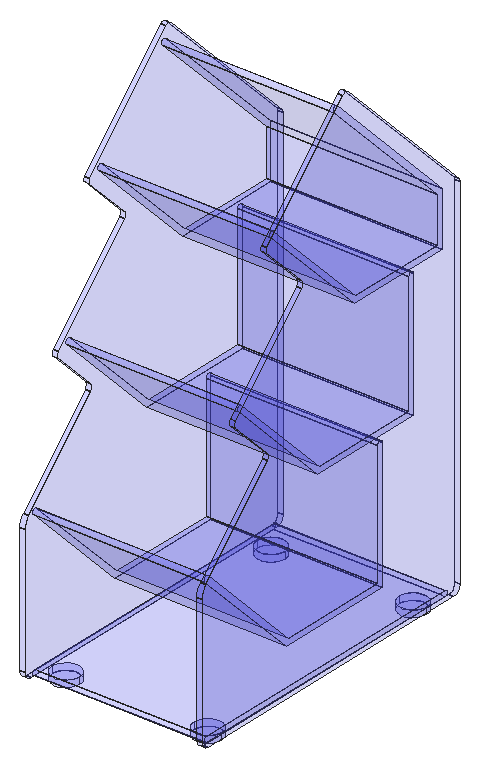
Revit family "QF_Vollrath_CTC-3V", category Specialty Equipment, Revit 2016
Family settings
  Part Type = Normal
  Round Connector Dimension = Use Diameter
  OmniClass Number = 23.40.40.14.24
  OmniClass Title = Food Dispensing Equipment
  Work Plane-Based = Yes
  Always vertical = Yes
  Cut with Voids When Loaded = No
  Shared = No
  Room Calculation Point = No
Parameters
  Weight in Pounds = 0
  Watermarked By = ""
  URL Cutsheet = ""
  URL = "www.vollrath.com"
  Specification by User [instance] = ""
  Specification by Manufacturer [instance] = ""
  Serial Number [instance] = ""
  Revision Code [instance] = ""
  NAFEM Spec ID Number [instance] = ""
  Model = "CTC-3V"
  Material = QF_Glass-Cast-Clear
  Masterspec [instance] = ""
  Manufacturer = "Vollrath"
  Item Number [instance] = "-"
  Installed By [instance] = ""
  Furnished By [instance] = ""
  Foodservice Equipment Identifier = yes
  Description = "Condiment Stand"
  Default Elevation = 48.00"
  CSI MasterFormat = ""
Reference planes (in)
  plane 1 "BACK": y = 0
  plane 2 "BOTTOM": z = 0
  plane 3 "LEFT": x = -16.56573
  plane 4 "RIGHT": x = -10.78573
  plane 5 "FRONT": y = -10.2287
  plane 6 "BASE TOP": z = 0.2263
  plane 7 "TOP": z = 16.4516
  plane 8 "INSIDE LEFT": x = -16.39573
  plane 9: x = -10.95573
  plane 10: y = -0.3895
  plane 11: y = -9.8387
  plane 12: y = -0.5489
  plane 13: y = -9.6787
  plane 14 "Tip Top": y = -4.4493
  plane 15: y = -4.5382
  plane 16: y = -7.2336
  plane 17: y = -7.3236
  plane 18: y = -8.4583
  plane 19: y = -8.5483
  plane 20: z = 11.8431
  plane 21 "Top Front": y = -7.7335
  plane 22 "Mid Front": y = -8.9709
  plane 23: z = 4.7477
  plane 24: z = 4.7477
  plane 25: z = 5.9186
  plane 26: z = 10.3295
  plane 27: z = 6.1086
  plane 28: z = 10.1395
  plane 29: y = -0.4864
  plane 30: y = -0.6739
  plane 31: y = -1.6299
  plane 32: y = -1.8199
  plane 33: y = -2.8673
  plane 34: y = -3.0573
  plane 35: through (-240, -5.99427, 12.13639) normal (0, 0.7071, 0.7071)
  plane 36: through (-240, -5.66658, 12.07386) normal (0, 0.7071, 0.7071)
  plane 37: through (-240, -3.17905, 14.5614) normal (0, 0.7071, 0.7071)
  plane 38: through (-240, -3.0634, 14.17705) normal (0, 0.7071, 0.7071)
  plane 39: through (-240, -7.351, 7.83625) normal (0, 0.7071, 0.7071)
  plane 40: through (-240, -7.02331, 7.77373) normal (0, 0.7071, 0.7071)
  plane 41: z = 1.5851
  plane 42: z = 1.7751
  plane 43: through (-240, -8.5884, 3.50275) normal (0, 0.7071, 0.7071)
  plane 44: through (-240, -8.26071, 3.44023) normal (0, 0.7071, 0.7071)
Forms (in)
  Extrusion 1, solid, material "QF_Glass-Cast-Clear" <- "Material"
    sketch origin (0, 0, 0) x (1, 0, 0) y (0, 1, 0)
      loop
        circle (-15.93026, -9.1882) r 0.44
      loop
        circle (-11.43026, -9.1882) r 0.44
      loop
        circle (-15.93026, -1.0632) r 0.44
      loop
        circle (-11.43026, -1.0632) r 0.44
    from 0 to 0.2263
  Extrusion 2, solid, material "QF_Glass-Cast-Clear" <- "Material"
    sketch origin (-16.56573, 0, 0) x (0, 1, 0) y (0, 0, 1)
      loop
        line (-9.9787, 0.2263) -> (-0.25, 0.2263)
        arc (-0.25, 0.2263) -> (-0.07322, 0.29952) -> (0, 0.4763) r 0.25
        line (0, 0.4763) -> (0, 11.90008)
        arc (0, 11.90008) -> (-0.01141, 11.95745) -> (-0.04391, 12.00608) r 0.14991
        line (-0.04391, 12.00608) -> (-4.43667, 16.39885)
        arc (-4.43667, 16.39885) -> (-4.54272, 16.44278) -> (-4.64876, 16.39885) r 0.14997
        line (-4.64876, 16.39885) -> (-7.66152, 13.38609)
        arc (-7.66152, 13.38609) -> (-7.69405, 13.30757) -> (-7.66152, 13.22905) r 0.11104
        line (-7.66152, 13.22905) -> (-6.28156, 11.84909)
        arc (-6.28156, 11.84909) -> (-6.23667, 11.74071) -> (-6.28156, 11.63233) r 0.15327
        line (-6.28156, 11.63233) -> (-8.90138, 9.01252)
        arc (-8.90138, 9.01252) -> (-8.9429, 8.91229) -> (-8.90138, 8.81205) r 0.14175
        line (-8.90138, 8.81205) -> (-7.63829, 7.54897)
        arc (-7.63829, 7.54897) -> (-7.5934, 7.44058) -> (-7.63829, 7.33219) r 0.15328
        line (-7.63829, 7.33219) -> (-10.08225, 4.88824)
        arc (-10.08225, 4.88824) -> (-10.19064, 4.72602) -> (-10.2287, 4.53468) r 0.5
        line (-10.2287, 4.53468) -> (-10.2287, 0.4763)
        arc (-10.2287, 0.4763) -> (-10.15548, 0.29952) -> (-9.9787, 0.2263) r 0.25
    from 0 to 0.17
  Extrusion 3, solid, material "QF_Glass-Cast-Clear" <- "Material"
    sketch origin (-10.95573, 0, 0) x (0, 1, 0) y (0, 0, 1)
      loop
        line (-9.9787, 0.2263) -> (-0.25, 0.2263)
        arc (-0.25, 0.2263) -> (-0.07322, 0.29952) -> (0, 0.4763) r 0.25
        line (0, 0.4763) -> (0, 11.90008)
        arc (0, 11.90008) -> (-0.01141, 11.95745) -> (-0.04391, 12.00608) r 0.14991
        line (-0.04391, 12.00608) -> (-4.43667, 16.39885)
        arc (-4.43667, 16.39885) -> (-4.54272, 16.44278) -> (-4.64876, 16.39885) r 0.14997
        line (-4.64876, 16.39885) -> (-7.66152, 13.38609)
        arc (-7.66152, 13.38609) -> (-7.69405, 13.30757) -> (-7.66152, 13.22905) r 0.11104
        line (-7.66152, 13.22905) -> (-6.28156, 11.84909)
        arc (-6.28156, 11.84909) -> (-6.23667, 11.74071) -> (-6.28156, 11.63233) r 0.15327
        line (-6.28156, 11.63233) -> (-8.90138, 9.01252)
        arc (-8.90138, 9.01252) -> (-8.9429, 8.91229) -> (-8.90138, 8.81205) r 0.14175
        line (-8.90138, 8.81205) -> (-7.63829, 7.54897)
        arc (-7.63829, 7.54897) -> (-7.5934, 7.44058) -> (-7.63829, 7.33219) r 0.15328
        line (-7.63829, 7.33219) -> (-10.08225, 4.88824)
        arc (-10.08225, 4.88824) -> (-10.19064, 4.72602) -> (-10.2287, 4.53468) r 0.5
        line (-10.2287, 4.53468) -> (-10.2287, 0.4763)
        arc (-10.2287, 0.4763) -> (-10.15548, 0.29952) -> (-9.9787, 0.2263) r 0.25
    from 0 to 0.17
  Extrusion 4, solid, material "QF_Glass-Cast-Clear" <- "Material"
    sketch origin (-16.39573, 0, 0) x (0, 1, 0) y (0, 0, 1)
      loop
        line (-7.3236, 13.46572) -> (-3.99738, 10.1395) -> (-0.4864, 10.1395) -> (-0.4864, 11.86875) -> (-4.6664, 16.04875)
        arc (-4.6664, 16.04875) -> (-4.80075, 16.04875) -> (-4.80075, 15.9144) r 0.095
        line (-4.80075, 15.9144) -> (-0.6739, 11.78755) -> (-0.6739, 10.3295) -> (-3.92221, 10.3295) -> (-7.19102, 13.5983)
        arc (-7.19102, 13.5983) -> (-7.3236, 13.5983) -> (-7.3236, 13.46572) r 0.09375
      loop
        arc (-1.6299, 9.95603) -> (-1.7249, 10.05103) -> (-1.8199, 9.95603) r 0.095
        line (-1.8199, 9.95603) -> (-1.8199, 6.1086) -> (-5.35818, 6.1086) -> (-8.46092, 9.21134)
        arc (-8.46092, 9.21134) -> (-8.59351, 9.21134) -> (-8.59351, 9.07876) r 0.09375
        line (-8.59351, 9.07876) -> (-5.43335, 5.9186) -> (-1.6299, 5.9186) -> (-1.6299, 9.95603)
      loop
        arc (-2.8673, 5.69899) -> (-2.9623, 5.79399) -> (-3.0573, 5.69899) r 0.095
        line (-3.0573, 5.69899) -> (-3.0573, 1.7751) -> (-6.59558, 1.7751) -> (-9.77118, 4.9507)
        arc (-9.77118, 4.9507) -> (-9.90377, 4.9507) -> (-9.90377, 4.81812) r 0.09375
        line (-9.90377, 4.81812) -> (-6.67075, 1.5851) -> (-2.8673, 1.5851) -> (-2.8673, 5.69899)
    from 0 to 5.44
  Extrusion 5, solid, material "QF_Glass-Cast-Clear" <- "Material"
    sketch origin (-16.39573, 0, 0) x (0, 1, 0) y (0, 0, 1)
      loop
        arc (-0.3895, 0.2263) -> (-0.29807, 0.31773) -> (-0.3895, 0.40916) r 0.09143
        line (-0.3895, 0.40916) -> (-9.8387, 0.40916)
        arc (-9.8387, 0.40916) -> (-9.93013, 0.31773) -> (-9.8387, 0.2263) r 0.09143
        line (-9.8387, 0.2263) -> (-0.3895, 0.2263)
    from 0 to 5.44
Lines and regions (in)
  symbolic lines
    curve 1: line (-16.56573, 0, 0) -> (-16.39573, 0, 0)
    curve 2: line (-16.56573, -10.2287, 0) -> (-16.56573, 0, 0)
    curve 3: line (-16.39573, -10.2287, 0) -> (-16.56573, -10.2287, 0)
    curve 4: line (-16.39573, 0, 0) -> (-16.39573, -10.2287, 0)
    curve 5: line (-16.39573, -1.8199, 0) -> (-10.95573, -1.8199, 0)
    curve 6: line (-10.95573, -1.6299, 0) -> (-16.39573, -1.6299, 0)
    curve 7: line (-10.95573, 0, 0) -> (-10.78573, 0, 0)
    curve 8: line (-10.95573, -10.2287, 0) -> (-10.95573, 0, 0)
    curve 9: line (-10.78573, -10.2287, 0) -> (-10.95573, -10.2287, 0)
    curve 10: line (-10.78573, 0, 0) -> (-10.78573, -10.2287, 0)
    curve 11: line (-16.39573, -1.8199, 0) -> (-10.95573, -1.8199, 0)
    curve 12: line (-10.95573, -1.6299, 0) -> (-16.39573, -1.6299, 0)
    curve 13: line (-16.39573, -6.59558, 0) -> (-10.95573, -6.59558, 0)
    curve 14: line (-16.39573, -6.67075, 0) -> (-10.95573, -6.67075, 0)
    curve 15: line (-16.39573, -5.43335, 0) -> (-10.95573, -5.43335, 0)
    curve 16: line (-16.39573, -1.8199, 0) -> (-10.95573, -1.8199, 0)
    curve 17: line (-10.95573, -1.6299, 0) -> (-16.39573, -1.6299, 0)
    curve 18: line (-16.39573, -3.0573, 0) -> (-10.95573, -3.0573, 0)
    curve 19: line (-10.95573, -2.8673, 0) -> (-16.39573, -2.8673, 0)
    curve 20: line (-16.39573, -9.93502, 0) -> (-10.95573, -9.93502, 0)
    curve 21: line (-10.95573, -0.4864, 0) -> (-16.39573, -0.4864, 0)
    curve 22: line (-10.95573, -0.4864, 0) -> (-16.39573, -0.4864, 0)
Dimensions and locks (in)
  locked: plane 3 "LEFT" to plane 4 "RIGHT" at 5.78
  locked: plane 5 "FRONT" to plane 1 "BACK" at 10.2287
  locked: plane 6 "BASE TOP" to level at 0.2263
  plane 7 "TOP" to plane 6 "BASE TOP" = 16.2253"
  locked: plane 3 "LEFT" to plane 8 "INSIDE LEFT" at 0.17
  locked: plane 9 to plane 4 "RIGHT" at 0.17
  locked: plane 1 "BACK" to plane 10 at 0.3895
  locked: plane 11 to plane 5 "FRONT" at 0.39
  locked: plane 10 to plane 12 at 0.1594
  locked: plane 13 to plane 11 at 0.16
  locked: plane 12 to plane 14 "Tip Top" at 3.9004
  locked: plane 14 "Tip Top" to plane 15 at 0.0889
  locked: plane 15 to plane 16 at 2.6954
  locked: plane 16 to plane 17 at 0.09
  plane 17 to plane 18 = 1.1347"
  locked: plane 18 to plane 19 at 0.09
  locked: plane 20 to level at 11.8431
  locked: plane 14 "Tip Top" to plane 21 "Top Front" at 3.2842
  locked: plane 21 "Top Front" to plane 22 "Mid Front" at 1.2374
  locked: plane 23 to level at 4.7477
  locked: plane 25 to level at 5.9186
  locked: plane 26 to level at 10.3295
  locked: plane 27 to plane 25 at 0.19
  locked: plane 26 to plane 28 at 0.19
  locked: plane 1 "BACK" to plane 29 at 0.4864
  plane 29 to plane 30 = 0.1875"
  plane 1 "BACK" to plane 31 = 1.6299"
  plane 31 to plane 32 = 0.19"
  locked: Extrusion 2 to plane 33 at 2.8673
  plane 33 to plane 34 = 0.19"
  locked: plane 35 to Extrusion 2 at 0.4063
  locked: plane 36 to plane 35 at 0.1875
  locked: Extrusion 2 to plane 37 at 0.41
  locked: plane 37 to plane 38 at 0.19
  locked: plane 40 to plane 39 at 0.1875
  locked: plane 42 to plane 41 at 0.19
  locked: plane 44 to plane 43 at 0.1875
  radius of Extrusion 1 sketch curve = 0.44"
  aligned and locked: level to plane 2 "BOTTOM"
  aligned and locked: plane 6 "BASE TOP" to Extrusion 1
  aligned and locked: plane 8 "INSIDE LEFT" to Extrusion 2
  aligned and locked: plane 4 "RIGHT" to Extrusion 3
  aligned and locked: Extrusion 3 to plane 9
  aligned and locked: plane 26 to Extrusion 4 sketch curve
  aligned and locked: plane 37 to Extrusion 4 sketch curve
  aligned and locked: plane 30 to Extrusion 4 sketch curve
  aligned and locked: Extrusion 4 sketch curve to plane 43
  aligned and locked: plane 9 to Extrusion 4
  aligned and locked: plane 9 to Extrusion 5
  aligned and locked: curve 1 to Extrusion 2
  aligned and locked: curve 2 to Extrusion 2
  aligned and locked: curve 3 to Extrusion 2
  aligned and locked: curve 4 to Extrusion 2
  aligned and locked: curve 5 to Extrusion 4
  aligned and locked: curve 6 to Extrusion 4
  aligned and locked: curve 7 to Extrusion 3
  aligned and locked: curve 8 to Extrusion 3
  aligned and locked: curve 9 to Extrusion 3
  aligned and locked: curve 10 to Extrusion 3
  aligned and locked: curve 11 to Extrusion 4
  aligned and locked: curve 12 to Extrusion 4
  aligned and locked: curve 13 to Extrusion 4
  aligned and locked: curve 14 to Extrusion 4
  aligned and locked: curve 16 to Extrusion 4
  aligned and locked: curve 17 to Extrusion 4
  aligned and locked: curve 21 to Extrusion 4
  aligned and locked: curve 22 to Extrusion 4
